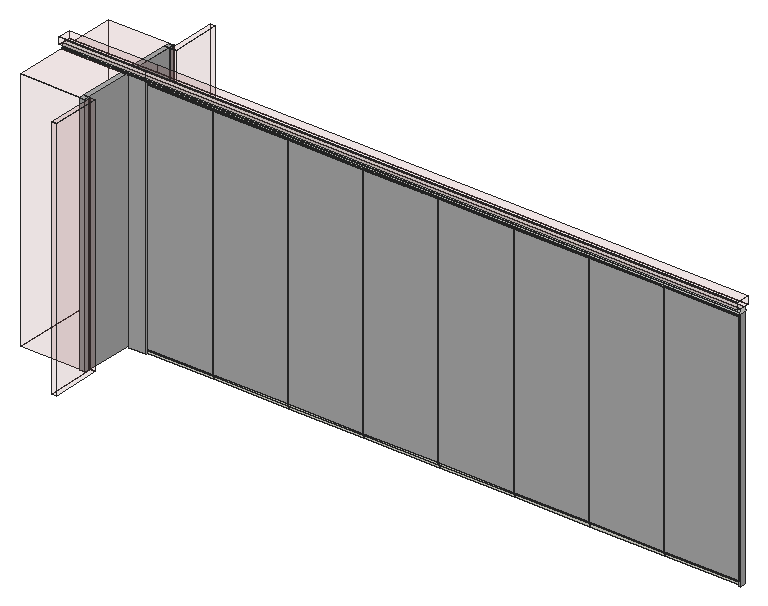
Revit family "Operable-Walls_Modernfold_Legacy-Premier_Paired-Panels_Expandable-Remote-Panel", category Specialty Equipment, Revit 2026
Family settings
  Round Connector Dimension = Use Diameter
  Part Type = Normal
  Classification Number = 23.25.40.17.14
  Work Plane-Based = No
  Enable Cutting in Views = No
  Always vertical = Yes
  Cut with Voids When Loaded = No
  Maintain Annotation Orientation = No
  Shared = No
  Room Calculation Point = No
Parameters (values of type "Pocket Door Type II")
  zWallJambVis [instance] = if([1.25 Inch Wall Jamb], 1 = 1, if(and(Bulb Seal, NotStack), 1 = 1, 1 = 0))  # yes
  zTypII = yes
  zHghtLmt [instance] = if(Ceiling Height > Ceiling Height Max, Ceiling Height Max, if(Ceiling Height < Ceiling Height Min, Ceiling Height Min, Ceiling Height))  # 12' - 0"
  URL = "https://www.modernfold.com/en-US"
  Trim Material = Trim Color - Modernfold-Sherwin Williams® - Natural Choice
  Track Trim Width [instance] = if(zHghtLmt > 15' 4 3/4", 0' 10 1/4", 0' 4 1/4")  # 0' - 4 1/4"
  Track Trim = 0' - 0 3/4"  # constant formula
  Track Material = Track Color - Modernfold - White
  Track Height [instance] = if(zHghtLmt > 15' 4 3/4", 0' 5 1/2", 0' 2")  # 0' - 2"
  Track Clearance Vis [instance] = yes
  Track Clearance Height [instance] = if(zHghtLmt > 15' 4 3/4", 0' 6 3/4", 0' 4 1/4")  # 0' - 4 1/4"
  StacksWPanel [instance] = and(Stack, Bulb Seal)  # no
  Stack Depth [instance] = (0' 3 3/4" * Number of Panels) + 0' 2"  # 2' - 8"
  Stack Clearance Vis [instance] = yes
  Stack [instance] = no
  Pocket Door Secondary Leaf Min [instance] = 1' - 6"  # constant formula
  Pocket Door Secondary Leaf Max [instance] = 4' - 0"  # constant formula
  Pocket Door Secondary Leaf [instance] = Pocket Door Primary Leaf  # 2' - 5"
  Pocket Door Primary Leaf [instance] = (Clearance Width - 0' 6" - 0' 1") / 2  # 2' - 5"
  Pocket Door Clearance Vis [instance] = yes
  Plan View Warning [instance] = or(Panel Width > Panel Width Max, Panel Width < Panel Width Min, Installation Width > Installation Width Max, Ceiling Height > Ceiling Height Max, Ceiling Height < Ceiling Height Min, Pocket Door Secondary Leaf > Pocket Door Secondary Leaf Max, Pocket Door Secondary Leaf < Pocket Door Secondary Leaf Min)  # no
  Panel Width [instance] = (Installation Width - Lead Condition Width - 0' 1 1/2" - 0' 4 3/4") / (Number of Panels)  # 3' - 8 1/16"
  Panel Thickness = 0' - 3"  # constant formula
  Panel Material = Wall Finish - Modernfold - Grey
  Additional Panels [instance] = 0
  Number of Panels [instance] = if(Additional Panels = 0, Min Panel Count Allowed, if((Min Panel Count Allowed + Additional Panels) > Max Panel Count Allowed, Min Panel Count Allowed, Min Panel Count Allowed + Additional Panels))  # 8
  NotStack [instance] = not(Stack)  # yes
  Model = "Acousti-Seal® Legacy® & Premier®"
  Min Panel Count Allowed [instance] = roundup((Installation Width - Lead Condition Width - 0' 6 1/4") / (Panel Width Max))  # 8
  Max Panel Count Allowed [instance] = rounddown((Installation Width - Lead Condition Width - 0' 6 1/4") / (Panel Width Min))  # 12
  Manufacturer = "Modernfold"  # constant formula
  Manual Seal [instance] = not(Auto. Seal)  # no
  Lead Condition Width [instance] = if(Bulb Seal, 0' 1 1/2", 0' 1 1/4")  # 0' - 1 1/4"
  Installation Width [instance] = 30' - 0"
  Panel Width Min [instance] = 2' - 4"  # constant formula
  Panel Width Max [instance] = 4' - 0"  # constant formula
  Description = "Legacy/Premier - Expandable Remote Panel - Paired Panels - Pocket Door Type II"
  **Panel Count Available** [instance] = if((Min Panel Count Allowed + Additional Panels) > Max Panel Count Allowed, "Number of Panels does NOT fall within constraints listed. Panel count will default to minimum count allowed.", "Panel Count Available.")  # "Panel Count Available."
  Seal Width = 0' - 1 1/2"  # constant formula
  Panel Array Count [instance] = Number of Panels - 2  # 6
  Hinge Location [instance] = Panel Width + 0' 6 1/4"  # 4' - 2 5/16"
  Fabrication Height [instance] = zHghtLmt - Track Trim  # 11' - 11 1/4"
  Clearance Width [instance] = ClearWidthInt * 0' 1" + 0' 6"  # 5' - 5"
  Clearance Depth [instance] = Stack Depth + 0' 6"  # 3' - 2"
  ClearWidthInt [instance] = if(Auto. Seal, roundup((Panel Width + 1' 2") / 0' 1"), roundup((Panel Width + 0' 8") / 0' 1"))  # 59
  Ceiling Height [instance] = 12' - 0"
  Carrier Centers [instance] = 0' - 0"  # constant formula
  CSpacingInt [instance] = rounddown((Panel Width - 0' 8") / 0' 1")  # 36
  Bulb Seal [instance] = not([1.25 Inch Wall Jamb])  # no
  Carrier Spacing Max [instance] = 3' - 0"  # constant formula
  Installation Width Max [instance] = 80' - 2"  # constant formula
  Does not Stack with Panels [instance] = and(Stack, [1.25 Inch Wall Jamb])  # no
  Default Elevation = 0' - 0"
  Ceiling Height Min [instance] = 4' - 2"  # constant formula
  Ceiling Height Max [instance] = 18' - 4"  # constant formula
  Start Panel Width [instance] = Panel Width  # 3' - 8 1/16"
  Bottom Seal Height = 0' - 2"  # constant formula
  Auto. Seal [instance] = yes
  1.25 Inch Wall Jamb [instance] = yes
Reference planes (in)
  plane 1 "Center (Front/Back)": y = 0
  plane 2: z = 0
  plane 3 "Left": x = -57.06482
  plane 4 "F": y = -32.5
  plane 5 "G": y = 32.5
  plane 6: x = -83.06482
  plane 7: x = -6.75232
  plane 8: x = 37.31018
  plane 9: x = 302.93518
  plane 10: x = 301.68518
  plane 11: x = 37.31018
  plane 12: z = 144
  plane 13: z = 143.25
  plane 14: y = 0.75
  plane 15: y = -0.75
  plane 16: z = 2
  plane 17: z = 2.625
  plane 18: y = 1.5
  plane 19: y = -1.5
  plane 20: y = 2.125
  plane 21: y = -2.125
  plane 22: y = 1.5
  plane 23: y = -1.5
  plane 24: z = 146
  plane 25: z = 150.25
  plane 26: z = 142
  plane 27: z = 141.5
  plane 28: y = 4
  plane 29: y = -4
  plane 30: y = 1.80291
  plane 31: x = -55.56482
  plane 32: x = -95.06482
  plane 33: x = -90.06482
  plane 34: x = -86.56482
  plane 35: x = -63.06482
Forms (in)
  Sweep 1, solid, material "Track Color - Modernfold - White" <- "Track Material"
    path origin (0, 0, 0) x (1, 0, 0) y (0, 1, 0)
      loop
        line (302.93518, 0) -> (-95.06482, 0)
    profile origin (103.93518, 0, 0) x (0, -1, 0) y (0, 0, 1)
      loop
        line (-1.5, 144) -> (-2.125, 144) -> (-2.125, 143.25) -> (2.125, 143.25) -> (2.125, 144) -> (1.5, 144) -> (1.5, 146) -> (-1.5, 146) -> (-1.5, 144)
  Extrusion 2, solid, material "Clearance", visible <- "Stack Clearance Vis"
    sketch origin (0, 0, 0) x (1, 0, 0) y (0, 1, 0)
      loop
        line (-95.06482, 32.5) -> (-95.06482, -32.5) -> (-57.06482, -32.5) -> (-57.06482, 32.5) -> (-95.06482, 32.5)
    from 0 to 143.25
  Extrusion 3, solid, material "Clearance", visible <- "Track Clearance Vis"
    sketch origin (0, 0, 0) x (1, 0, 0) y (0, 1, 0)
      loop
        line (-43.77945, 4) -> (-95.06482, 4) -> (-95.06482, -4) -> (-44.24964, -4) -> (302.93518, -4) -> (302.93518, 4) -> (-43.77945, 4)
    from 146 to 150.25
Lines and regions (in)
  symbolic lines, style "Clearance", visible <- "Stack Clearance Vis"
    curve 1: line (-57.06482, -32.5, 0) -> (-95.06482, -32.5, 0)
    curve 2: line (-57.06482, 32.5, 0) -> (-57.06482, -32.5, 0)
    curve 3: line (-95.06482, -32.5, 0) -> (-95.06482, 32.5, 0)
    curve 4: line (-95.06482, 32.5, 0) -> (-57.06482, 32.5, 0)
  symbolic lines, style "Track Centerline"
    curve 5: line (302.93518, 0, 0) -> (-95.06482, 0, 0)
  symbolic lines, style "Clearance", visible <- "Track Clearance Vis"
    curve 6: line (-95.06482, -4, 0) -> (302.93518, -4, 0)
    curve 7: line (302.93518, -4, 0) -> (302.93518, 4, 0)
    curve 8: line (302.93518, 4, 0) -> (-95.06482, 4, 0)
    curve 18: line (-95.06482, 4, 0) -> (-95.06482, -4, 0)
  symbolic lines, style "Track outline"
    curve 9: line (-95.06482, 0, 146) -> (302.93518, 0, 146)
    curve 10: line (-95.06482, 0, 146) -> (-95.06482, 0, 143.25)
    curve 11: line (-42.81482, 0, 143.25) -> (-95.06482, 0, 143.25)
    curve 12: line (302.93518, 0, 146) -> (302.93518, 0, 143.25)
    curve 17: line (302.93518, 0, 144) -> (-95.06482, 0, 144)
  symbolic lines, style "Clearance"
    curve 13: line (-57.06482, 23.75, 144) -> (-57.06482, 23.75, 146)
    curve 14: line (-57.06482, -1.5, 146) -> (-57.06482, -1.5, 144)
    curve 15: line (-57.06482, -2.125, 143.25) -> (-57.06482, 24.625, 143.25)
    curve 16: line (-57.06482, 23.75, 146) -> (-57.06482, -1.5, 146)
Dimensions and locks (in)
  "Installation Width": plane 3 "Left" to plane 9
  "Hinge Location": plane 3 "Left" to plane 7
  "Panel Width": plane 7 to plane 8
  "Lead Condition Width": plane 10 to plane 9
  "zHghtLmt": plane 12 to level
  "Track Trim": plane 12 to plane 13
  plane 13 to level = 11' - 11 1/4"
  "Bottom Seal Height": plane 16 to level
  equal spacing: plane 14, plane 1 "Center (Front/Back)", plane 15
  "Seal Width": plane 14 to plane 15
  locked: plane 17 to plane 16 at 0.625
  equal spacing: plane 18, plane 1 "Center (Front/Back)", plane 19
  "Panel Thickness": plane 18 to plane 19
  equal spacing: plane 20, plane 1 "Center (Front/Back)", plane 21
  "Track Trim Width": plane 20 to plane 21
  equal spacing: plane 22, plane 1 "Center (Front/Back)", plane 23
  locked: plane 22 to plane 23 at 3
  plane 13 to plane 26 to plane 27 = 0' - 1 1/4" locked, 0' - 0 1/2" locked
  equal spacing: plane 28, plane 1 "Center (Front/Back)", plane 29
  locked: plane 28 to plane 29 at 8
  equal spacing: group 1, group 5, group 7, group 8, group 9, group 2  (x3)
  equal spacing: group 3, group 6, group 10, group 11, group 12, group 4  (x3)
  nested 8 to nested 9 to plane 1 "Center (Front/Back)" = 0' - 0", 1' - 10 1/32"
  locked: plane 1 "Center (Front/Back)" to plane 30 at 1.80291
  locked: plane 3 "Left" to plane 31 at 1.5
  Extrusion 3 sketch curve to Extrusion 3 sketch curve = 0' - 8"
  Extrusion 3 sketch curve to plane 1 "Center (Front/Back)" to Extrusion 3 sketch curve = 0' - 4", 0' - 4"
  equal spacing: plane 5 "G", plane 1 "Center (Front/Back)", plane 4 "F"
  "Clearance Width": plane 5 "G" to plane 4 "F"
  "Track Clearance Height": plane 25 to plane 24
  "Track Height": plane 24 to plane 12
  "Clearance Depth": plane 32 to plane 3 "Left"
  locked: plane 32 to plane 33 at 5
  locked: plane 32 to plane 34 at 8.5
  locked: plane 32 to plane 6 at 12
  "Stack Depth": plane 32 to plane 35
  aligned and locked: plane 2 to level
  aligned and locked: Sweep 1 sketch curve to plane 1 "Center (Front/Back)"
  aligned and locked: Sweep 1 sketch curve to plane 22
  aligned and locked: plane 23 to Sweep 1 sketch curve
  aligned and locked: Sweep 1 sketch curve to plane 24
  aligned and locked: Sweep 1 sketch curve to plane 12  (x2)
  aligned and locked: Sweep 1 sketch curve to plane 13
  aligned and locked: Sweep 1 sketch curve to plane 20
  aligned and locked: Sweep 1 sketch curve to plane 21
  aligned and locked: plane 11 to nested 1
  aligned and locked: plane 1 "Center (Front/Back)" to nested 1
  aligned and locked: plane 10 to nested 2
  aligned and locked: plane 1 "Center (Front/Back)" to nested 2
  aligned and locked: plane 6 to nested 3
  aligned and locked: plane 1 "Center (Front/Back)" to nested 4
  aligned and locked: plane 10 to nested 4
  aligned and locked: plane 1 "Center (Front/Back)" to nested 5
  aligned and locked: plane 7 to nested 5
  aligned and locked: plane 7 to nested 6
  aligned and locked: plane 1 "Center (Front/Back)" to nested 6
  aligned and locked: plane 1 "Center (Front/Back)" to nested 7
  aligned and locked: nested 3 to plane 1 "Center (Front/Back)"
  aligned and locked: nested 10 to plane 1 "Center (Front/Back)"
  aligned and locked: Extrusion 2 sketch curve to plane 3 "Left"
  aligned and locked: plane 9 to curve 5
  aligned and locked: Extrusion 3 sketch curve to plane 9
  aligned and locked: nested 9 to nested 8
  aligned and locked: nested 10 to nested 11  (x2)
  aligned and locked: nested 13 to plane 4 "F"
  aligned and locked: plane 11 to plane 8
  aligned and locked: plane 1 "Center (Front/Back)" to nested 14
  aligned and locked: plane 31 to nested 14
  aligned and locked: Extrusion 3 to plane 28
  aligned and locked: Extrusion 3 to plane 29
  aligned and locked: curve 6 to Extrusion 3
  aligned and locked: curve 8 to Extrusion 3
  aligned and locked: plane 25 to Extrusion 3
  aligned and locked: Extrusion 3 to plane 24
  aligned and locked: nested 8 to plane 1 "Center (Front/Back)"
  aligned and locked: curve 3 to Extrusion 2
  aligned and locked: nested 13 to plane 3 "Left"
  aligned and locked: Extrusion 2 to plane 32
  aligned and locked: plane 33 to nested 8
  aligned and locked: plane 34 to nested 9
  aligned and locked: nested 10 to plane 35
  aligned and locked: nested 17 to plane 33
  aligned and locked: nested 8 to nested 17
  aligned and locked: plane 13 to Extrusion 2
  aligned and locked: curve 17 to Sweep 1
  aligned and locked: plane 9 to Sweep 1 sketch curve
  aligned and locked: nested 7 to plane 31
  aligned and locked: Extrusion 3 sketch curve to plane 32
  aligned and locked: plane 32 to curve 6
  aligned and locked: plane 32 to Sweep 1 sketch curve
  aligned and locked: curve 10 to plane 32
Automatic sketch dimensions
  curve 13 to plane 12 = 0' - 0"
  curve 14 to plane 12 = 0' - 0"
  curve 15 to plane 21 = 0' - 0"
  curve 13 to curve 15 = 0' - 0 7/8"
  curve 14 to plane 23 = 0' - 0"
  plane 24 to curve 13 = 0' - 0"
  curve 15 to plane 13 = 0' - 0"
  curve 13 to plane 5 "G" = 0' - 8 3/4"
  Extrusion 2 sketch curve to plane 5 "G" = 0' - 0"
  plane 4 "F" to Extrusion 2 sketch curve = 0' - 0"
  Extrusion 2 sketch curve to plane 3 "Left" = 3' - 2"
  plane 31 to Extrusion 3 sketch curve = 0' - 11.31518"
  Extrusion 3 sketch curve to Extrusion 3 sketch curve = 0' - 0.47019"
  curve 9 to plane 24 = 0' - 0"
  curve 11 to plane 13 = 0' - 0"
  curve 12 to plane 9 = 0' - 0"
  curve 12 to plane 13 = 0' - 0"
  plane 31 to curve 11 = 1' - 0 3/4"
  curve 18 to plane 32 = 0' - 0"
  curve 4 to plane 3 "Left" = 0' - 0"
  curve 1 to plane 4 "F" = 0' - 0"
  plane 29 to curve 7 = 0' - 0"
  plane 1 "Center (Front/Back)" to curve 5 = 0' - 0"
  curve 8 to plane 28 = 0' - 0"
  curve 4 to plane 5 "G" = 0' - 0"
Nested families (in)
  nested 1: "Panel" at (59.34143, 0, 0), visible <- "NotStack", type "Extended"
    with LEAD yes, Dash Width 0' - 6 31/32", CarrierVis yes
  nested 2: "Panel" at (279.65393, 0, 0), visible <- "NotStack", type "Extended"
    with LEAD yes, Dash Width 0' - 6 31/32", CarrierVis yes
  nested 3: "Panel" at (-83.06482, 0, 0) x (0, -1, 0) z (0, 0, 1), visible <- "Stack", type "Stack"
    with LEAD yes, Dash Width 0' - 6 31/32", CarrierVis yes
  nested 4: "Jamb" at (301.68518, 0, 0), visible <- "zWallJambVis", Jamb <- "1.25 Inch Wall Jamb", Bulb Seal <- "Bulb Seal", type "Jamb"
    with Lead Condition Width 0' - 1 1/4", Jamb yes, BulbStack no, Bulb Seal no, Fabrication Height 11' - 11 1/4"
  nested 5: "Panel" at (15.27893, 0, 0), visible <- "NotStack", type "Extended"
    with LEAD no, Dash Width 0' - 6 31/32", CarrierVis no
  nested 6: "Panel" at (-28.78357, 0, 0), visible <- "NotStack", type "StarterPanel Ext"
    with LEAD no, Dash Width 0' - 6 31/32", CarrierVis no
  nested 7: "Jamb" at (-55.56482, 0, 0) x (-1, 0, 0) z (0, 0, 1), visible <- "NotStack", type "Jamb"
    with Lead Condition Width 0' - 1 1/2", Jamb no, BulbStack no, Bulb Seal yes, Fabrication Height 11' - 11 1/4"
  nested 8: "Panel" at (-90.06482, 0, 0) x (0, 1, 0) z (0, 0, 1), visible <- "Stack", type "StarterPanel Stack"
    with LEAD no, Dash Width 0' - 6 31/32", CarrierVis no
  nested 9: "Panel" at (-86.56482, 0, 0) x (0, 1, 0) z (0, 0, 1), visible <- "Stack", type "Stack"
    with LEAD no, Dash Width 0' - 6 31/32", CarrierVis no
  nested 10: "Panel" at (-64.56482, 0, 0) x (0, -1, 0) z (0, 0, 1), visible <- "Stack", type "Stack"
    with LEAD yes, Dash Width 0' - 6 31/32", CarrierVis yes
  nested 11: "Jamb" at (-64.56482, -22.03125, 0) x (0, -1, 0) z (0, 0, 1), visible <- "StacksWPanel", type "Jamb"
    with Lead Condition Width 0' - 1 1/2", Jamb no, BulbStack yes, Bulb Seal no, Fabrication Height 11' - 11 1/4"
  nested 12: "Modernfold Warning" at (12.01728, -5.976, 0), visible <- "Plan View Warning", type "Modernfold Warning"
  nested 13: "Type-II" at (-58.56482, 37.5, 0) x (0, -1, 0) z (0, 0, 1), Pocket Door Clearance <- "Pocket Door Clearance Vis", visible <- "zTypII", type "Type II"
    with Stack yes, Right Leaf 2' - 5", Pocket Door Clearance yes, Middle Leaf 0' - 9", Meeting Jamb 0' - 3", Left Leaf 2' - 5", I_PD Leaf B 2' - 5", I_PD Leaf A 2' - 5", Hinged Jamb 0' - 3", Gap 0' - 1", Close no, C.L. of Track 0' - 4 1/2"
  nested 14: "Panel nose" at (-55.56482, 0, 0), visible <- "NotStack", type "Panel nose"
    with Jamb yes, BulbStack yes, Bulb Seal no
  nested 15: "Panel" at (103.40393, 0, 0), visible <- "NotStack", type "Extended"
    with LEAD yes, Dash Width 0' - 6 31/32", CarrierVis yes
  nested 16: "Panel" at (-79.36482, 0, 0) x (0, -1, 0) z (0, 0, 1), visible <- "Stack", type "Stack"
    with LEAD yes, Dash Width 0' - 6 31/32", CarrierVis yes
  nested 17: "Jamb" at (-90.06482, -23.78125, 0) x (0, -1, 0) z (0, 0, 1), visible <- "Stack", type "Jamb"
    with Lead Condition Width 0' - 1 1/2", Jamb no, BulbStack yes, Bulb Seal no, Fabrication Height 11' - 11 1/4"
  nested 18: "Panel" at (147.46643, 0, 0), visible <- "NotStack", type "Extended"
    with LEAD yes, Dash Width 0' - 6 31/32", CarrierVis yes
  nested 19: "Panel" at (191.52893, 0, 0), visible <- "NotStack", type "Extended"
    with LEAD yes, Dash Width 0' - 6 31/32", CarrierVis yes
  nested 20: "Panel" at (235.59143, 0, 0), visible <- "NotStack", type "Extended"
    with LEAD yes, Dash Width 0' - 6 31/32", CarrierVis yes
  nested 21: "Panel" at (-75.66482, 0, 0) x (0, -1, 0) z (0, 0, 1), visible <- "Stack", type "Stack"
    with LEAD yes, Dash Width 0' - 6 31/32", CarrierVis yes
  nested 22: "Panel" at (-71.96482, 0, 0) x (0, -1, 0) z (0, 0, 1), visible <- "Stack", type "Stack"
    with LEAD yes, Dash Width 0' - 6 31/32", CarrierVis yes
  nested 23: "Panel" at (-68.26482, 0, 0) x (0, -1, 0) z (0, 0, 1), visible <- "Stack", type "Stack"
    with LEAD yes, Dash Width 0' - 6 31/32", CarrierVis yes
Definition of nested family "Panel"
  Parameters (values of type "StarterPanel Stack")
    Width = 3' - 8 1/16"
    Vertical Trim Control = and(Show Panel, Vertical Trim)  # no
    Vertical Trim = no
    URL = ""
    Trim Thickness = 0' - 0 1/2"  # constant formula
    Top Sweep = 0' - 1 1/4"  # constant formula
    Stack Line = yes
    Show Panel Dash = not(Show Panel)  # yes
    Show Panel = no
    Panel Width Control = if(Vertical Trim, 0' 0 3/4", 0' 0")  # 0' - 0"
    Panel Thickness = 0' - 3"
    Manufacturer = ""
    Leaf = yes
    LEAD [instance] = yes
    Keynote = ""
    Height = 11' - 11 1/4"
    Finished Floor Thickness = 0' - 0"
    Finish Material Metal = none
    Finish Material Panel = none
    Default Elevation = 0' - 0"
    Dash Width [instance] = (Width - 0' 2 1/4") / 6  # 0' - 6 31/32"
    CarrierVis [instance] = no
    Carrier Spacing = 0' - 0"
    Bottom Seal Height = 0' - 2"
  Types (4): name | Show Panel Dash | Show Panel | Leaf
    Extended | no | yes | no
    Stack | yes | no | no
    StarterPanel Stack | yes | no | yes
    StarterPanel Ext | no | yes | no
  Reference planes (in)
    plane 1 "Center (Front/Back)": y = 0
    plane 2: z = 0
    plane 3 "Bottom Panel": z = 0
    plane 4 "Top": z = 143.25
    plane 5 "Bottom Seal": z = 2
    plane 6 "Top Trim": z = 142
    plane 7 "Bottom Trim": z = 2.625
    plane 8 "Center (Left/Right)": x = 0
    plane 9 "Back": y = 1.5
    plane 10 "Front": y = -1.5
    plane 11 "Back Seal": y = 0.75
    plane 12 "Front Seal": y = -0.75
    plane 13: z = 141.5
    plane 14: x = -22.03125
    plane 15: x = 22.03125
    plane 16: x = -21.53125
    plane 17: x = 21.53125
    plane 18: x = 0
    plane 19: x = 0
    plane 20: x = -22.02125
    plane 21: x = 22.02125
  Forms (in)
    Extrusion 1, solid, material <- "Finish Material Metal", visible <- "Show Panel", detail levels fine
      sketch origin (-23.61111, 0, 0) x (0, 1, 0) y (0, 0, 1)
        loop
          line (-0.75, 2) -> (-0.75, 0) -> (0.75, 0) -> (0.75, 2) -> (1.5, 2) -> (1.5, 2.625) -> (-1.5, 2.625) -> (-1.5, 2) -> (-0.75, 2)
        loop
          line (1.5, 143.25) -> (-1.5, 143.25) -> (-1.5, 142) -> (1.5, 142) -> (1.5, 143.25)
      from 1.57986 to 45.64236
    Extrusion 2, solid, material <- "Finish Material Metal", visible <- "Show Panel", detail levels coarse+medium
      sketch origin (-23.61111, 0, 0) x (0, 1, 0) y (0, 0, 1)
        loop
          line (1.5, 0) -> (1.5, 2.625) -> (-1.5, 2.625) -> (-1.5, 0) -> (1.5, 0)
        loop
          line (1.5, 143.25) -> (-1.5, 143.25) -> (-1.5, 142) -> (1.5, 142) -> (1.5, 143.25)
      from 1.57986 to 45.64236
    Extrusion 3, solid, material <- "Finish Material Panel", visible <- "Show Panel"
      sketch origin (-0.00391, -1.5, 0) x (1, 0, 0) y (0, 0, 1)
        loop
          line (-22.01734, 141.5) -> (-22.01734, 2.625) -> (22.02125, 2.625) -> (22.02125, 141.5) -> (-22.01734, 141.5)
      from 0 to -3
    Extrusion 4, solid, material <- "Finish Material Metal", visible <- "Show Panel"
      sketch origin (0, 0, 0) x (0, 1, 0) y (0, 0, 1)
        loop
          line (1.5, 142) -> (-1.5, 142) -> (-1.5, 141.5) -> (1.5, 141.5) -> (1.5, 142)
      from -22.03125 to 22.03125
    Extrusion 5, solid, visible <- "Show Panel Dash"
      sketch origin (0, 0, 0) x (1, 0, 0) y (0, 1, 0)
        loop
          line (22.03125, 1.5) -> (-22.03125, 1.5) -> (-22.03125, -1.5) -> (22.03125, -1.5) -> (22.03125, 1.5)
      from 0 to 143.25
    Extrusion 6, solid, visible <- "Leaf"
      sketch origin (0, 0, 0) x (1, 0, 0) y (0, 1, 0)
        loop
          line (-22.03125, 1.5) -> (-17.03125, 1.5) -> (-17.03125, 2.125) -> (-23.78125, 2.125) -> (-23.78125, -2.125) -> (-17.03125, -2.125) -> (-17.03125, -1.5) -> (-22.03125, -1.5) -> (-22.03125, 1.5)
      from 0 to 143.25
  Lines and regions (in)
    Masking region 1, visible <- "Show Panel"
      outline origin (0, 0, 2) x (-1, 0, 0) y (0, -1, 0)
        loop
          line (-22.03125, -1.5) -> (22.03125, -1.5) -> (22.03125, 1.5) -> (-22.03125, 1.5) -> (-22.03125, -1.5)
    symbolic lines, visible <- "CarrierVis", detail levels medium+fine
      curve 1: circle (0, 0, 0) r 0.6875 normal (0, 0, 1)
      curve 2: circle (0, 0, 0) r 0.6875 normal (0, 0, 1)
    symbolic lines, visible <- "Show Panel Dash"
      curve 3: line (-22.03125, -1.5, 0) -> (22.03125, -1.5, 0)
      curve 4: line (22.03125, -1.5, 0) -> (22.03125, 1.5, 0)
      curve 5: line (22.03125, 1.5, 0) -> (-22.03125, 1.5, 0)
      curve 6: line (-22.03125, 1.5, 0) -> (-22.03125, -1.5, 0)
    symbolic lines, visible <- "Leaf"
      curve 7: line (-17.03125, 1.5, 0) -> (-17.03125, 2.125, 0)
      curve 8: line (-17.03125, 2.125, 0) -> (-23.78125, 2.125, 0)
      curve 9: line (-23.78125, 2.125, 0) -> (-23.78125, -2.125, 0)
      curve 10: line (-23.78125, -2.125, 0) -> (-17.03125, -2.125, 0)
      curve 11: line (-17.03125, -2.125, 0) -> (-17.03125, -1.5, 0)
  Dimensions and locks (in)
    "Height": plane 4 "Top" to plane 3 "Bottom Panel"
    "Bottom Seal Height": plane 5 "Bottom Seal" to plane 3 "Bottom Panel"
    locked: plane 7 "Bottom Trim" to plane 5 "Bottom Seal" at 0.625
    "Panel Thickness": plane 10 "Front" to plane 9 "Back"
    "Finished Floor Thickness": plane 3 "Bottom Panel" to plane 2
    equal spacing: plane 10 "Front", plane 1 "Center (Front/Back)", plane 9 "Back"
    "Top Sweep": plane 4 "Top" to plane 6 "Top Trim"
    "Trim Thickness": plane 6 "Top Trim" to plane 13
    equal spacing: plane 15, plane 8 "Center (Left/Right)", plane 14
    "Width": plane 15 to plane 14
    locked: plane 16 to plane 14 at 0.5
    locked: plane 15 to plane 17 at 0.5
    equal spacing: plane 18, plane 8 "Center (Left/Right)", plane 19
    "Carrier Spacing": plane 18 to plane 19
    locked: plane 11 "Back Seal" to plane 12 "Front Seal" at 1.5
    equal spacing: plane 11 "Back Seal", plane 1 "Center (Front/Back)", plane 12 "Front Seal"
    locked: plane 20 to plane 14 at 0.01
    locked: plane 21 to plane 15 at 0.01
    aligned and locked: plane 2 to level
    aligned and locked: plane 5 "Bottom Seal" to Extrusion 1 sketch curve  (x2)
    aligned and locked: plane 3 "Bottom Panel" to Extrusion 1 sketch curve
    aligned and locked: plane 12 "Front Seal" to Extrusion 1 sketch curve
    aligned and locked: plane 11 "Back Seal" to Extrusion 1 sketch curve
    aligned and locked: plane 7 "Bottom Trim" to Extrusion 1 sketch curve
    aligned and locked: Extrusion 1 sketch curve to plane 4 "Top"
    aligned and locked: Extrusion 1 sketch curve to plane 6 "Top Trim"
    aligned and locked: Extrusion 1 sketch curve to plane 10 "Front"  (x2)
    aligned and locked: Extrusion 1 sketch curve to plane 9 "Back"  (x2)
    aligned and locked: Extrusion 2 sketch curve to plane 4 "Top"
    aligned and locked: Extrusion 2 sketch curve to plane 10 "Front"  (x2)
    aligned and locked: Extrusion 2 sketch curve to plane 9 "Back"  (x2)
    aligned and locked: Extrusion 2 sketch curve to plane 6 "Top Trim"
    aligned and locked: Extrusion 2 sketch curve to plane 7 "Bottom Trim"
    aligned and locked: Extrusion 2 sketch curve to plane 3 "Bottom Panel"
    aligned and locked: Masking region 1 sketch curve to plane 9 "Back"
    aligned and locked: Masking region 1 sketch curve to plane 10 "Front"
    aligned and locked: Extrusion 1 to plane 14
    aligned and locked: plane 15 to Extrusion 1
    aligned and locked: Extrusion 3 sketch curve to plane 13
    aligned and locked: Extrusion 3 sketch curve to plane 7 "Bottom Trim"
    aligned and locked: Extrusion 4 sketch curve to plane 9 "Back"
    aligned and locked: Extrusion 4 sketch curve to plane 10 "Front"
    aligned and locked: plane 6 "Top Trim" to Extrusion 4 sketch curve
    aligned and locked: plane 13 to Extrusion 4 sketch curve
    aligned and locked: plane 18 to curve 1
    aligned and locked: plane 1 "Center (Front/Back)" to curve 1
    aligned and locked: plane 1 "Center (Front/Back)" to curve 2
    aligned and locked: plane 15 to Extrusion 2
    aligned and locked: Extrusion 2 to plane 14
    aligned and locked: Masking region 1 to plane 14
    aligned and locked: plane 15 to Masking region 1
    aligned and locked: Extrusion 5 sketch curve to plane 9 "Back"
    aligned and locked: Extrusion 5 sketch curve to plane 10 "Front"
    aligned and locked: Extrusion 5 sketch curve to plane 14
    aligned and locked: Extrusion 5 sketch curve to plane 15
    aligned and locked: plane 4 "Top" to Extrusion 5
    aligned and locked: Extrusion 5 to level
    aligned and locked: Masking region 1 to curve 3
    aligned and locked: curve 4 to Masking region 1
    aligned and locked: curve 5 to Masking region 1
    aligned and locked: curve 6 to Masking region 1
    aligned and locked: Extrusion 4 to plane 14
    aligned and locked: plane 15 to Extrusion 4
    aligned and locked: Extrusion 3 to plane 20
    aligned and locked: plane 4 "Top" to Extrusion 6
  Automatic sketch dimensions
    plane 8 "Center (Left/Right)" to Masking region 1 sketch curve = 1' - 10 1/32"
    Masking region 1 sketch curve to plane 8 "Center (Left/Right)" = 1' - 10 1/32"
    plane 21 to Extrusion 3 sketch curve = 0' - 0 1/256"
    plane 14 to Extrusion 3 sketch curve = 0' - 0.01"
    plane 9 "Back" to Extrusion 6 sketch curve = 0' - 0"
    Extrusion 6 sketch curve to plane 14 = 0' - 0"
    plane 10 "Front" to Extrusion 6 sketch curve = 0' - 0"
    plane 10 "Front" to Extrusion 6 sketch curve = 0' - 0 5/8"
    Extrusion 6 sketch curve to plane 14 = 0' - 1 3/4"
    Extrusion 6 sketch curve to plane 9 "Back" = 0' - 0 5/8"
    plane 16 to Extrusion 6 sketch curve = 0' - 4 1/2"
    Extrusion 6 sketch curve to Extrusion 6 sketch curve = 0' - 0"
    curve 1 to curve 2 = 0' - 0"
    plane 9 "Back" to curve 6 = 0' - 0"
    curve 6 to plane 14 = 0' - 0"
    plane 10 "Front" to curve 11 = 0' - 0"
    curve 3 to plane 15 = 0' - 0"
    curve 8 to plane 9 "Back" = 0' - 0 5/8"
    curve 8 to plane 14 = 0' - 1 3/4"
    plane 10 "Front" to curve 11 = 0' - 0 5/8"
    plane 16 to curve 11 = 0' - 4 1/2"
    curve 7 to curve 11 = 0' - 0"
    radius of curve 1 = 0' - 0 11/16"
    radius of curve 2 = 0' - 0 11/16"
Definition of nested family "Jamb"
  Parameters (values of type "Jamb")
    Trim Material = none
    Panel Material = none
    Lead Condition Width [instance] = if(Jamb, 0' 1 1/4", 0' 1 1/2")  # 0' - 1 1/4"
    BulbStack [instance] = yes
    Bulb Seal [instance] = no
    Jamb [instance] = yes
    Fabrication Height = 11' - 11 7/8"
    Default Elevation = 0' - 0"
  Reference planes (in)
    plane 1 "Center (Front/Back)": y = 0
    plane 2: z = 0
    plane 3 "Center (Left/Right)": x = 0
    plane 4: x = 1.25
  Forms (in)
    Extrusion 1, solid, material <- "Panel Material", visible <- "Jamb"
      sketch origin (0.25, 0.65625, 0) x (1, 0, 0) y (0, 1, 0)
        loop
          line (-0.25, 0.84375) -> (-0.25, -2.15625) -> (1, -2.15625) -> (1, 0.84375) -> (-0.25, 0.84375)
      from 0 to 143.875 <- "Fabrication Height"
    Extrusion 2, solid, material <- "Trim Material", visible <- "Bulb Seal"
      sketch origin (0.25, 0.65625, 0) x (1, 0, 0) y (0, 1, 0)
        loop
          line (-0.25, 0.59375) -> (-0.25, -1.90625)
          arc (-0.25, -1.90625) -> (1, -0.65625) -> (-0.25, 0.59375) r 1.25
      from 0 to 143.875
    Extrusion 3, solid, visible <- "BulbStack"
      sketch origin (0, 0, 0) x (1, 0, 0) y (0, 1, 0)
        loop
          arc (0, -1.25) -> (1.25, 0) -> (0, 1.25) r 1.25
          line (0, 1.25) -> (0, -1.25)
      from 0 to 143.875
  Lines and regions (in)
    Masking region 1, visible <- "Jamb"
      outline origin (0, 0, 0) x (1, 0, 0) y (0, 1, 0)
        loop
          line (1.25, 1.5) -> (0, 1.5) -> (0, -1.5) -> (1.25, -1.5) -> (1.25, 1.5)
    Masking region 2, visible <- "Bulb Seal"
      outline origin (0, 0, 0) x (1, 0, 0) y (0, 1, 0)
        loop
          line (0, 1.25) -> (0, -1.25)
          arc (0, -1.25) -> (1.25, 0) -> (0, 1.25) r 1.25
    model lines, visible <- "BulbStack"
      curve 1: line (0, 1.25, 0) -> (0, -1.25, 0)
      curve 2: arc (0, -1.25, 0) -> (1.25, 0, 0) -> (0, 1.25, 0) r 1.25
    symbolic lines, visible <- "BulbStack"
      curve 3: arc (0, -1.25, 0) -> (1.25, 0, 0) -> (0, 1.25, 0) r 1.25
      curve 4: line (0, 1.25, 0) -> (0, -1.25, 0)
  Dimensions and locks (in)
    "Lead Condition Width": plane 3 "Center (Left/Right)" to plane 4
    "Lead Condition Width": radius of Extrusion 2 sketch curve
    aligned and locked: plane 2 to level
    aligned and locked: Extrusion 1 to Extrusion 2
    aligned and locked: Masking region 1 sketch curve to Extrusion 1  (x3)
    aligned and locked: Masking region 1 sketch curve to Extrusion 2
    aligned and locked: Masking region 2 sketch curve to Extrusion 2  (x2)
    aligned and locked: Extrusion 3 sketch curve to Extrusion 2  (x2)
    aligned and locked: Extrusion 3 to level
    aligned and locked: Extrusion 3 to Extrusion 1
    aligned and locked: curve 1 to Extrusion 3
    aligned and locked: curve 2 to Extrusion 3
    aligned and locked: curve 3 to Extrusion 3
    aligned and locked: curve 4 to Extrusion 3
  Automatic sketch dimensions
    Extrusion 1 sketch curve to plane 3 "Center (Left/Right)" = 0' - 0"
    Extrusion 1 sketch curve to plane 4 = 0' - 0"
    plane 1 "Center (Front/Back)" to Extrusion 1 sketch curve = 0' - 1 1/2"
    Extrusion 1 sketch curve to plane 1 "Center (Front/Back)" = 0' - 1 1/2"
    Extrusion 2 sketch curve to plane 3 "Center (Left/Right)" = 0' - 0"
    plane 1 "Center (Front/Back)" to Extrusion 2 sketch curve = 0' - 0"
Definition of nested family "Type-II"
  Parameters (values of type "Type II")
    URL = "www.modernfold.com"
    Trim Color = none
    Top Seal Height = 0' - 0"  # constant formula
    Wall Finish = none
    Stack [instance] = 1 = 1  # yes
    Right Leaf [instance] = Left Leaf  # 2' - 5"
    Ref G [instance] = 2' - 4 1/2"
    Product data url = ""
    Product Guid = ""
    Pocket Width = 5' - 5"
    Pocket Door Clearance [instance] = yes
    Model = "ACOUSTI-SEAL-TYPE III POCKET DOOR"
    Middle Leaf [instance] = 0' - 9"  # constant formula
    Meeting Jamb [instance] = 0' - 3"  # constant formula
    Manufacturer = "Modernfold"  # constant formula
    Left Leaf [instance] = (Pocket Width - Meeting Jamb - Hinged Jamb - 0' 1") / 2  # 2' - 5"
    I_PD Leaf B [instance] = Right Leaf  # 2' - 5"
    I_PD Leaf A [instance] = Left Leaf  # 2' - 5"
    Hinged Jamb [instance] = 0' - 3"  # constant formula
    Gap [instance] = 0' - 1"  # constant formula
    Fabrication Height = 11' - 11 1/4"
    Description = ""
    Default Elevation = 0' - 0"
    Close [instance] = 1 = 0  # no
    Clearance = none
    C.L. of Track [instance] = 0' - 4 1/2"
    Bottom Seal Height = 0' - 0"  # constant formula
    Assembly Code = ""
  Reference planes (in)
    plane 1: z = 0
    plane 2 "Left": x = 5
    plane 3: x = 70
    plane 4: z = 143.25
    plane 5: z = 143.25
    plane 6 "Panel Edge": y = 1.5
    plane 7: z = 0
    plane 8: y = 1.5
    plane 9: x = 67
    plane 10: x = 8
    plane 11: y = -1.5
    plane 12: x = 37
    plane 13: x = 41.5
    plane 14: x = 38
    plane 15: x = 38
    plane 16: x = 96
    plane 17: y = 2
  Forms (in)
    Extrusion 1, solid, material <- "Wall Finish", visible <- "Stack"
      sketch origin (-7.86646, -21.61293, 0) x (1, 0, 0) y (0, 1, 0)
        loop
          arc (15.95832, 23.11293) -> (15.89337, 23.08603) -> (15.86646, 23.02107) r 0.09186
          line (15.86646, 23.02107) -> (15.86646, 20.20479)
          arc (15.86646, 20.20479) -> (15.89337, 20.13984) -> (15.95832, 20.11293) r 0.09186
          line (15.95832, 20.11293) -> (44.7746, 20.11293)
          arc (44.7746, 20.11293) -> (44.83956, 20.13984) -> (44.86646, 20.20479) r 0.09186
          line (44.86646, 20.20479) -> (44.86646, 23.02107)
          arc (44.86646, 23.02107) -> (44.83956, 23.08603) -> (44.7746, 23.11293) r 0.09186
          line (44.7746, 23.11293) -> (15.95832, 23.11293)
      from 0 to 143.25
    Extrusion 2, solid, material <- "Wall Finish"
      sketch origin (-39.81601, -9.98425, 0) x (1, 0, 0) y (0, 1, 0)
        loop
          arc (44.90787, 11.48425) -> (44.84292, 11.45734) -> (44.81601, 11.39239) r 0.09186
          line (44.81601, 11.39239) -> (44.81601, 8.5761)
          arc (44.81601, 8.5761) -> (44.84292, 8.51115) -> (44.90787, 8.48425) r 0.09186
          line (44.90787, 8.48425) -> (47.72415, 8.48425)
          arc (47.72415, 8.48425) -> (47.78911, 8.51115) -> (47.81601, 8.5761) r 0.09186
          line (47.81601, 8.5761) -> (47.81601, 11.39239)
          arc (47.81601, 11.39239) -> (47.78911, 11.45734) -> (47.72415, 11.48425) r 0.09186
          line (47.72415, 11.48425) -> (44.90787, 11.48425)
      from 0 to 143.25
    Extrusion 3, solid, material <- "Wall Finish"
      sketch origin (17.29977, -9.33854, 0) x (1, 0, 0) y (0, 1, 0)
        loop
          arc (49.79209, 10.83854) -> (49.72713, 10.81163) -> (49.70023, 10.74668) r 0.09186
          line (49.70023, 10.74668) -> (49.70023, 7.9304)
          arc (49.70023, 7.9304) -> (49.72713, 7.86544) -> (49.79209, 7.83854) r 0.09186
          line (49.79209, 7.83854) -> (52.60837, 7.83854)
          arc (52.60837, 7.83854) -> (52.67333, 7.86544) -> (52.70023, 7.9304) r 0.09186
          line (52.70023, 7.9304) -> (52.70023, 10.74668)
          arc (52.70023, 10.74668) -> (52.67333, 10.81163) -> (52.60837, 10.83854) r 0.09186
          line (52.60837, 10.83854) -> (49.79209, 10.83854)
      from 0 to 143.25
    Extrusion 4, solid, material <- "Trim Color", visible <- "Stack"
      sketch origin (5.48103, 3.3991, 0) x (1, 0, 0) y (0, 1, 0)
        loop
          line (31.64397, -1.8991) -> (31.51897, -1.8991) -> (31.51897, -5.0241) -> (32.51897, -5.0241) -> (32.51897, -4.8991) -> (31.64397, -4.8991) -> (31.64397, -1.8991)
      from 0 to 143.25
    Extrusion 5, solid, material <- "Trim Color", visible <- "Stack"
      sketch origin (87.42522, -3.3991, 0) x (-1, 0, 0) y (0, -1, 0)
        loop
          line (49.55022, -1.8991) -> (49.42522, -1.8991) -> (49.42522, -5.0241) -> (50.42522, -5.0241) -> (50.42522, -4.8991) -> (49.55022, -4.8991) -> (49.55022, -1.8991)
      from 0 to 143.25
    Extrusion 6, solid, material <- "Clearance", visible <- "Pocket Door Clearance"
      sketch origin (0, 0, 0) x (1, 0, 0) y (0, 1, 0)
        loop
          line (-21, 5.5) -> (-21, 2.5) -> (8, 2.5) -> (8, 5.5) -> (-21, 5.5)
      from 0 to 143.25
    Extrusion 7, solid, material <- "Wall Finish", visible <- "Stack"
      sketch origin (17.95377, -13.71889, 0) x (1, 0, 0) y (0, 1, 0)
        loop
          arc (20.13809, 15.21889) -> (20.07314, 15.19199) -> (20.04623, 15.12704) r 0.09186
          line (20.04623, 15.12704) -> (20.04623, 12.31075)
          arc (20.04623, 12.31075) -> (20.07314, 12.2458) -> (20.13809, 12.21889) r 0.09186
          line (20.13809, 12.21889) -> (48.95438, 12.21889)
          arc (48.95438, 12.21889) -> (49.01933, 12.2458) -> (49.04623, 12.31075) r 0.09186
          line (49.04623, 12.31075) -> (49.04623, 15.12704)
          arc (49.04623, 15.12704) -> (49.01933, 15.19199) -> (48.95438, 15.21889) r 0.09186
          line (48.95438, 15.21889) -> (20.13809, 15.21889)
      from 0 to 143.25
    Extrusion 8, solid, material <- "Clearance", visible <- "Pocket Door Clearance"
      sketch origin (68, 0, 0) x (-1, 0, 0) y (0, -1, 0)
        loop
          line (-28, -5.5) -> (1, -5.5) -> (1, -2.5) -> (-28, -2.5) -> (-28, -5.5)
      from 0 to 143.25
    Extrusion 9, solid, material <- "Wall Finish", visible <- "Close"
      sketch origin (0, 0, 0) x (1, 0, 0) y (0, 1, 0)
        loop
          line (-21, 5.5) -> (-21, 2.5) -> (8, 2.5) -> (8, 5.5) -> (-21, 5.5)
      from 0 to 143.25
    Extrusion 10, solid, material <- "Wall Finish", visible <- "Close"
      sketch origin (0, 0, 0) x (1, 0, 0) y (0, 1, 0)
        loop
          line (67, 5.5) -> (67, 2.5) -> (96, 2.5) -> (96, 5.5) -> (67, 5.5)
      from 0 to 143.25
    Extrusion 11, solid, material <- "Trim Color", visible <- "Close"
      sketch origin (10.20647, 0.6009, 0) x (-1, 0, 0) y (0, -1, 0)
        loop
          line (31.33147, -1.8991) -> (31.20647, -1.8991) -> (31.20647, -5.0241) -> (32.20647, -5.0241) -> (32.20647, -4.8991) -> (31.33147, -4.8991) -> (31.33147, -1.8991)
      from 0 to 143.25
    Extrusion 12, solid, material <- "Trim Color", visible <- "Close"
      sketch origin (71.60603, 7.3991, 0) x (1, 0, 0) y (0, 1, 0)
        loop
          line (24.51897, -1.8991) -> (24.39397, -1.8991) -> (24.39397, -5.0241) -> (25.39397, -5.0241) -> (25.39397, -4.8991) -> (24.51897, -4.8991) -> (24.51897, -1.8991)
      from 0 to 143.25
  Lines and regions (in)
    Masking region 1
      outline origin (0, 0, 0) x (1, 0, 0) y (0, 1, 0)
        loop
          line (67, 1.5) -> (67, -1.5) -> (70, -1.5) -> (70, 1.5) -> (67, 1.5)
    Masking region 2, visible <- "Stack"
      outline origin (0, 0, 0) x (1, 0, 0) y (0, 1, 0)
        loop
          line (5, 1.5) -> (5, -1.5) -> (37, -1.5) -> (37, 1.5) -> (5, 1.5)
    Masking region 3, visible <- "Stack", detail levels fine
      outline origin (-19.875, 0, 0) x (1, 0, 0) y (0, 1, 0)
        loop
          line (57.875, 1.625) -> (56.875, 1.625) -> (56.875, 1.5) -> (57.75, 1.5) -> (57.75, -1.5) -> (57.875, -1.5) -> (57.875, 1.625)
    Masking region 4, visible <- "Stack", detail levels fine
      outline origin (0, 0, 0) x (1, 0, 0) y (0, 1, 0)
        loop
          line (37.125, -1.5) -> (37.125, 1.5) -> (37, 1.5) -> (37, -1.625) -> (38, -1.625) -> (38, -1.5) -> (37.125, -1.5)
    Masking region 5, visible <- "Stack"
      outline origin (0, 0, 0) x (1, 0, 0) y (0, 1, 0)
        loop
          line (38, 1.5) -> (38, -1.5) -> (67, -1.5) -> (67, 1.5) -> (38, 1.5)
    Masking region 6
      outline origin (0, 0, 0) x (1, 0, 0) y (0, 1, 0)
        loop
          line (8, -1.5) -> (8, 1.5) -> (5, 1.5) -> (5, -1.5) -> (8, -1.5)
    Masking region 7, visible <- "Close"
      outline origin (0, 0, 0) x (1, 0, 0) y (0, 1, 0)
        loop
          line (-21, 5.5) -> (-21, 2.5) -> (8, 2.5) -> (8, 5.5) -> (-21, 5.5)
    Masking region 8, visible <- "Close"
      outline origin (0, 0, 0) x (1, 0, 0) y (0, 1, 0)
        loop
          line (67, 5.5) -> (67, 2.5) -> (96, 2.5) -> (96, 5.5) -> (67, 5.5)
    Masking region 9, visible <- "Close", detail levels fine
      outline origin (15.84375, 4, 0) x (-1, 0, 0) y (0, -1, 0)
        loop
          line (36.96875, -1.5) -> (36.96875, 1.5) -> (36.84375, 1.5) -> (36.84375, -1.625) -> (37.84375, -1.625) -> (37.84375, -1.5) -> (36.96875, -1.5)
    Masking region 10, visible <- "Close", detail levels fine
      outline origin (66, 4, 0) x (1, 0, 0) y (0, 1, 0)
        loop
          line (30.125, -1.5) -> (30.125, 1.5) -> (30, 1.5) -> (30, -1.625) -> (31, -1.625) -> (31, -1.5) -> (30.125, -1.5)
    symbolic lines, visible <- "Pocket Door Clearance"
      curve 1: line (8, 2.5, 0) -> (-21, 2.5, 0)
      curve 2: line (-21, 2.5, 0) -> (-21, 5.5, 0)
      curve 3: line (-21, 5.5, 0) -> (8, 5.5, 0)
      curve 4: line (8, 5.5, 0) -> (8, 2.5, 0)
      curve 7: arc (37, 2.5, 0) -> (8, 31.5, 0) -> (-21, 2.5, 0) r 29
      curve 9: line (67, 2.5, 0) -> (96, 2.5, 0)
      curve 10: line (96, 2.5, 0) -> (96, 5.5, 0)
      curve 11: line (96, 5.5, 0) -> (67, 5.5, 0)
      curve 12: line (67, 5.5, 0) -> (67, 2.5, 0)
      curve 13: arc (38, 2.5, 0) -> (67, 31.5, 0) -> (96, 2.5, 0) r 29
    symbolic lines, detail levels medium+fine
      curve 5: circle (8, 2, 0) r 0.5 normal (0, 0, -1)
      curve 8: circle (67, 2, 0) r 0.5 normal (0, 0, 1)
    symbolic lines
      curve 6: line (8, 1.5, 0) -> (8, -1.5, 0)
  Dimensions and locks (in)
    "Pocket Width": plane 2 "Left" to plane 3
    "Fabrication Height": plane 4 to level
    "Top Seal Height": plane 4 to plane 5
    "Bottom Seal Height": plane 7 to plane 1
    Extrusion 1 sketch curve to Extrusion 1 sketch curve = 0' - 3"
    "Hinged Jamb": plane 2 "Left" to plane 10
    locked: plane 11 to plane 8 at 3
    Extrusion 2 sketch curve to Extrusion 2 sketch curve = 0' - 3"
    Extrusion 3 sketch curve to Extrusion 3 sketch curve = 0' - 3"
    "I_PD Leaf A": plane 10 to plane 12
    plane 11 to plane 8 = 0' - 3"
    locked: plane 8 to curve 1 at 1
    locked: curve 3 to curve 1 at 3
    "I_PD Leaf A": curve 2 to plane 10
    "C.L. of Track": plane 12 to plane 13
    "Ref G": plane 13 to plane 3
    locked: Extrusion 4 sketch curve to Extrusion 4 sketch curve at 0.125  (x2)
    locked: Extrusion 5 sketch curve to Extrusion 5 sketch curve at 0.125  (x2)
    plane 8 to curve 5 = 0' - 0 1/2"
    locked: plane 10 to curve 5
    Extrusion 7 sketch curve to Extrusion 7 sketch curve = 0' - 3"
    "Meeting Jamb": plane 9 to plane 3
    locked: Extrusion 5 sketch curve to Extrusion 5 sketch curve at 1
    locked: curve 11 to curve 9 at 3
    "I_PD Leaf B": plane 9 to plane 16
    "I_PD Leaf B": plane 15 to plane 9
    locked: Extrusion 4 sketch curve to Extrusion 4 sketch curve at 1
    locked: Extrusion 11 sketch curve to Extrusion 11 sketch curve at 0.125  (x2)
    locked: Extrusion 11 sketch curve to Extrusion 11 sketch curve at 1
    locked: Extrusion 12 sketch curve to Extrusion 12 sketch curve at 0.125  (x2)
    locked: Extrusion 12 sketch curve to Extrusion 12 sketch curve at 1
    aligned and locked: Extrusion 2 to plane 8
    aligned and locked: Extrusion 2 to plane 11
    aligned and locked: Extrusion 2 to plane 10
    aligned and locked: Extrusion 2 to plane 2 "Left"
    aligned and locked: Extrusion 3 to plane 8
    aligned and locked: plane 11 to Extrusion 3
    aligned and locked: plane 9 to Extrusion 3
    aligned and locked: Extrusion 3 to plane 3
    aligned and locked: Extrusion 1 to plane 12
    aligned and locked: plane 10 to Extrusion 1
    aligned and locked: Extrusion 1 to plane 8
    aligned and locked: Extrusion 1 to plane 11
    aligned and locked: plane 10 to curve 4
    aligned and locked: plane 5 to Extrusion 3
    aligned and locked: plane 5 to Extrusion 1
    aligned and locked: plane 5 to Extrusion 2
    aligned and locked: plane 5 to Extrusion 5
    aligned and locked: plane 5 to Extrusion 4
    aligned and locked: Extrusion 3 to plane 7
    aligned and locked: Extrusion 5 to plane 7
    aligned and locked: Extrusion 4 to plane 7
    aligned and locked: Extrusion 1 to plane 7
    aligned and locked: Extrusion 2 to plane 7
    aligned and locked: plane 3 to Masking region 1 sketch curve
    aligned and locked: Masking region 1 sketch curve to plane 11
    aligned and locked: Masking region 1 sketch curve to plane 9
    aligned and locked: plane 8 to Masking region 1 sketch curve
    aligned and locked: plane 11 to Masking region 2 sketch curve
    aligned and locked: plane 8 to Masking region 2 sketch curve
    aligned and locked: plane 2 "Left" to Masking region 2 sketch curve
    aligned and locked: plane 12 to Masking region 2 sketch curve
    aligned and locked: plane 11 to curve 6
    aligned and locked: plane 10 to curve 6
    aligned and locked: Extrusion 6 sketch curve to curve 3
    aligned and locked: Extrusion 6 sketch curve to curve 4
    aligned and locked: Extrusion 6 sketch curve to curve 1
    aligned and locked: Extrusion 6 sketch curve to curve 2
    aligned and locked: plane 5 to Extrusion 6
    aligned and locked: Extrusion 6 to level
    aligned and locked: Extrusion 5 to Masking region 3 sketch curve
    aligned and locked: Masking region 3 sketch curve to Extrusion 5  (x2)
    aligned and locked: Masking region 4 sketch curve to Extrusion 4  (x3)
    aligned and locked: Extrusion 4 to Masking region 4 sketch curve
    aligned and locked: Extrusion 7 to plane 11
    aligned and locked: Extrusion 7 to plane 8
    aligned and locked: Extrusion 7 to plane 14
    aligned and locked: plane 14 to Extrusion 5
    aligned and locked: plane 14 to Masking region 3
    aligned and locked: Masking region 3 to Extrusion 5
    aligned and locked: plane 8 to Masking region 5 sketch curve
    aligned and locked: Masking region 5 sketch curve to plane 11
    aligned and locked: plane 14 to Masking region 5 sketch curve
    aligned and locked: plane 9 to Masking region 5 sketch curve
    aligned and locked: plane 14 to Extrusion 4
    aligned and locked: plane 14 to plane 15
    aligned and locked: plane 5 to Extrusion 7
    aligned and locked: plane 9 to curve 12
    aligned and locked: plane 9 to Extrusion 8
    aligned and locked: plane 16 to curve 10
    aligned and locked: plane 16 to Extrusion 8
    aligned and locked: plane 5 to Extrusion 8
    aligned and locked: plane 12 to Masking region 3 sketch curve
    aligned and locked: Extrusion 9 sketch curve to Extrusion 6  (x3)
    aligned and locked: plane 10 to Extrusion 9 sketch curve
    aligned and locked: Extrusion 10 sketch curve to plane 9
    aligned and locked: Extrusion 10 sketch curve to plane 16
    aligned and locked: Extrusion 10 sketch curve to Extrusion 8  (x2)
    aligned and locked: plane 5 to Extrusion 9
    aligned and locked: plane 5 to Extrusion 10
    aligned and locked: Masking region 6 sketch curve to curve 6
    aligned and locked: curve 6 to Masking region 6 sketch curve
    aligned and locked: Masking region 6 sketch curve to Extrusion 2  (x2)
    aligned and locked: Masking region 7 sketch curve to Extrusion 9  (x4)
    aligned and locked: Masking region 8 sketch curve to plane 9
    aligned and locked: Masking region 8 sketch curve to plane 16
    aligned and locked: Masking region 8 sketch curve to Extrusion 10  (x2)
    aligned and locked: Masking region 9 sketch curve to Extrusion 11  (x3)
    aligned and locked: Extrusion 11 to Masking region 9 sketch curve
    aligned and locked: Extrusion 11 to Extrusion 9
    aligned and locked: Masking region 10 sketch curve to Extrusion 12  (x3)
    aligned and locked: Extrusion 12 to Masking region 10 sketch curve
    aligned and locked: Extrusion 12 to plane 16
    aligned and locked: plane 5 to Extrusion 11
    aligned and locked: plane 5 to Extrusion 12
  Automatic sketch dimensions
    Extrusion 1 sketch curve to plane 10 = 0' - 0"
    plane 6 "Panel Edge" to Extrusion 1 sketch curve = 0' - 0"
    Extrusion 1 sketch curve to plane 11 = 0' - 0"
    Extrusion 1 sketch curve to plane 12 = 0' - 0"
    Extrusion 1 sketch curve to plane 10 = 0' - 0.09186"
    Extrusion 1 sketch curve to Extrusion 1 sketch curve = 0' - 0.09186"
    plane 11 to Extrusion 1 sketch curve = 0' - 0.09186"
    plane 12 to Extrusion 1 sketch curve = 0' - 0.09186"
    Extrusion 2 sketch curve to plane 2 "Left" = 0' - 0"
    plane 6 "Panel Edge" to Extrusion 2 sketch curve = 0' - 0"
    Extrusion 2 sketch curve to plane 11 = 0' - 0"
    Extrusion 2 sketch curve to plane 10 = 0' - 0"
    plane 2 "Left" to Extrusion 2 sketch curve = 0' - 0.09186"  (x2)
    Extrusion 2 sketch curve to Extrusion 2 sketch curve = 0' - 0.09186"
    plane 10 to Extrusion 2 sketch curve = 0' - 0.09186"
    Extrusion 3 sketch curve to plane 9 = 0' - 0"
    plane 6 "Panel Edge" to Extrusion 3 sketch curve = 0' - 0"
    plane 11 to Extrusion 3 sketch curve = 0' - 0"
    Extrusion 3 sketch curve to plane 3 = 0' - 0"
    Extrusion 3 sketch curve to plane 9 = 0' - 0.09186"
    Extrusion 3 sketch curve to Extrusion 3 sketch curve = 0' - 0.09186"  (x2)
    plane 3 to Extrusion 3 sketch curve = 0' - 0.09186"
    Extrusion 4 sketch curve to plane 12 = 0' - 0"
    Extrusion 4 sketch curve to plane 11 = 0' - 0"
    plane 6 "Panel Edge" to Extrusion 4 sketch curve = 0' - 0"
    Extrusion 5 sketch curve to plane 14 = 0' - 0"
    plane 6 "Panel Edge" to Extrusion 5 sketch curve = 0' - 0"
    Extrusion 5 sketch curve to plane 11 = 0' - 0"
    Masking region 3 sketch curve to plane 14 = 0' - 0"
    Masking region 3 sketch curve to plane 14 = 0' - 0 1/8"
    Masking region 4 sketch curve to plane 12 = 0' - 0"
    Masking region 4 sketch curve to Masking region 4 sketch curve = 0' - 0 1/8"
    Extrusion 7 sketch curve to plane 14 = 0' - 0"
    plane 6 "Panel Edge" to Extrusion 7 sketch curve = 0' - 0"
    Extrusion 7 sketch curve to plane 11 = 0' - 0"
    Extrusion 7 sketch curve to plane 9 = 0' - 0"
    plane 14 to Extrusion 7 sketch curve = 0' - 0.09186"
    plane 11 to Extrusion 7 sketch curve = 0' - 0.09186"
    plane 9 to Extrusion 7 sketch curve = 0' - 0.09186"  (x2)
    Extrusion 8 sketch curve to plane 16 = 0' - 0"
    Extrusion 8 sketch curve to plane 9 = 0' - 0"
    plane 17 to Extrusion 8 sketch curve = 0' - 0 1/2"
    Extrusion 8 sketch curve to Extrusion 8 sketch curve = 0' - 3"
    Extrusion 11 sketch curve to plane 17 = 0' - 3 5/8"
    Extrusion 11 sketch curve to plane 2 "Left" = 2' - 2"
    Extrusion 11 sketch curve to plane 17 = 0' - 0 1/2"
    Masking region 9 sketch curve to Masking region 9 sketch curve = 0' - 0 7/8"
    Masking region 9 sketch curve to Masking region 9 sketch curve = 0' - 0 1/8"
    Extrusion 12 sketch curve to plane 17 = 0' - 0 3/8"
    plane 16 to Extrusion 12 sketch curve = 0' - 0"
    Extrusion 12 sketch curve to Extrusion 12 sketch curve = 0' - 3"
    Masking region 10 sketch curve to Masking region 10 sketch curve = 0' - 0 7/8"
    Masking region 10 sketch curve to Masking region 10 sketch curve = 0' - 0 1/8"
    curve 7 to plane 10 = 0' - 0"
    curve 13 to plane 14 = 0' - 0"
    curve 8 to plane 9 = 0' - 0"
    plane 6 "Panel Edge" to curve 6 = 0' - 0"
    plane 17 to curve 8 = 0' - 0"
    curve 10 to plane 17 = 0' - 0 1/2"
Definition of nested family "Panel nose"
  Parameters (values of type "Panel nose")
    Trim Material = none
    Panel Material = none
    BulbStack [instance] = yes
    Bulb Seal [instance] = no
    Jamb [instance] = yes
    Fabrication Height = 11' - 11 1/4"
    Default Elevation = 0' - 0"
  Reference planes (in)
    plane 1 "Center (Front/Back)": y = 0
    plane 2: z = 0
    plane 3 "Center (Left/Right)": x = 0
  Forms (in)
    Extrusion 1, solid, material <- "Panel Material", visible <- "Jamb"
      sketch origin (0.25, 0.65625, 0) x (1, 0, 0) y (0, 1, 0)
        loop
          line (-0.25, 1.49375) -> (-0.25, -2.80625) -> (9.5, -2.80625) -> (9.5, -2.15625) -> (4.5, -2.15625) -> (4.5, 0.84375) -> (9.5, 0.84375) -> (9.5, 1.49375) -> (-0.25, 1.49375)
      from 0 to 143.25 <- "Fabrication Height"
  Lines and regions (in)
    Masking region 1, visible <- "Jamb"
      outline origin (0, 0, 0) x (1, 0, 0) y (0, 1, 0)
        loop
          line (9.75, 2.15) -> (0, 2.15) -> (0, -2.15) -> (9.75, -2.15) -> (9.75, -1.5) -> (4.75, -1.5) -> (4.75, 0) -> (4.75, 1.5) -> (9.75, 1.5) -> (9.75, 2.15)
    model lines, visible <- "BulbStack"
      curve 1: line (0, 1.25, 0) -> (0, -1.25, 0)
    symbolic lines, visible <- "BulbStack"
      curve 2: line (0, 1.25, 0) -> (0, -1.25, 0)
  Dimensions and locks (in)
    locked: Extrusion 1 sketch curve to Extrusion 1 sketch curve at 5  (x2)
    Extrusion 1 sketch curve to Extrusion 1 sketch curve = 0' - 4 3/4"
    aligned and locked: plane 2 to level
    aligned and locked: Extrusion 1 to Masking region 1
    aligned and locked: Masking region 1 to Extrusion 1  (x2)
Definition of nested family "Modernfold Warning"
  Parameters (values of type "Modernfold Warning")
    Warning = "!"
    Text = "Design outside of constraints"
    Text 2 = ""
  Reference planes (in)
    plane 1: y = 0
    plane 2: x = 0
  Lines and regions (in)
    Filled region 1, type "Filled region 1"
      outline origin (0, 0, 0) x (1, 0, 0) y (0, 1, 0)
        loop
          line (0, 0.16703) -> (-0.16703, 0) -> (0, -0.16703) -> (0.16703, 0) -> (0, 0.16703)
  Text (in)
    label "!" at (-0.00306, 0.01684, 0), shows "Warning"
    label "10\" Overlap Required when Center Mount is in use" at (0.05084, -0.34731, 0), shows "Text"
